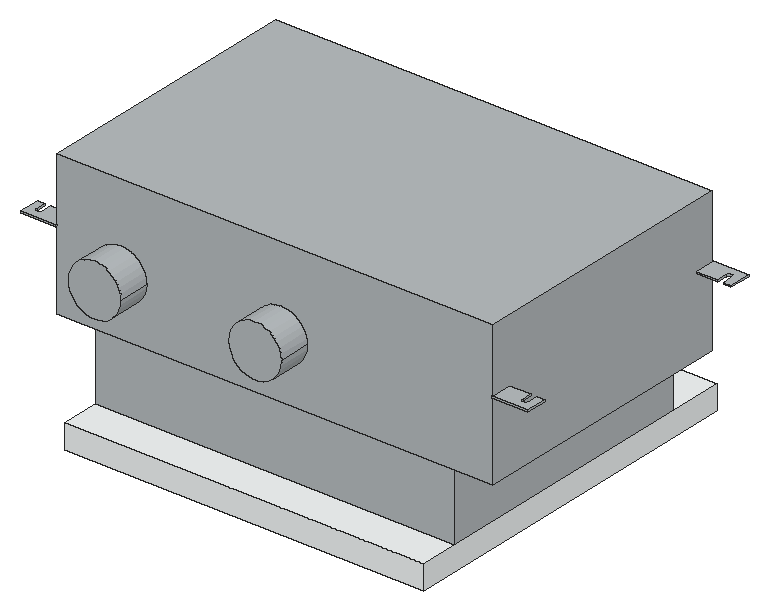
Revit family "lgh-n15_50cx2(d)_cs2(d)_50Hz", category 機械設備, Revit 2019
Family settings
  丸型コネクタ寸法 = 直径を使用
  パーツ タイプ = 標準
  OmniClass 番号 = 23.75.10.34.21
  OmniClass タイトル = Heat Exchangers for Ventilation Air
  作業面ベース = いいえ
  常に垂直 = はい
  ロード時にボイドで切り取り = いいえ
  共有 = いいえ
  部屋計算ポイント = はい
Parameters (values of type "LGH-N15CS2")
  騒音レベル(dB(A)) = 28.5
  風量 = 150.0 m³/h
  面風速 = 5.31 m/s
  電源種別 [instance] = "一般"
  電圧 = 100 V
  電動機出力 = 0 W
  集中コントローラ = ""
  運転質量 = 0.00 kg
  連動 [instance] = ""
  質量 = if(製品質量 > 運転質量, 製品質量, 運転質量) * 1.2  # 21.60 kg
  負荷分類 = 3_ファン類
  説明 = "業務用ロスナイ 天井カセット形"
  設計風量 = 0.0 m³/h
  設置方法 = "カセット形"
  記号 [instance] = ""
  製造元 = "MITSIBISHI ELECTRIC"
  製品質量 = 18.00 kg
  製品出荷対象 = "国内"
  製品リリース年月 = "2019/7/1"
  製品グループ = ""
  系統 [instance] = ""
  符号 = "HEU"
  積算_科目 = "1 空気調和設備"
  積算_拾い区分 [instance] = ""
  相 = 1
  盤記号 [instance] = ""
  発停方法 [instance] = "別売リモコン"
  特殊仕様 [instance] = ""
  火災停止 [instance] = ""
  温度交換効率 = 73.00%
  消費電力 = 69 W
  法定耐用年数 = "15"
  機外静圧_排気 = 75.0 Pa
  機外静圧 = 75.0 Pa
  構成部品 = "インテリアパネル"
  極数 = 1
  材質 [instance] = ""
  本体マテリアル = 溶融亜鉛めっき鋼板
  操作・制御方式 = ""
  操作・制御スイッチ = ""
  排気量 = 0.0 m³/h
  形式 = "カセット形"
  幹線記号 [instance] = ""
  対象室 [instance] = ""
  実風量 = 0.0 m³/h
  始動方式 [instance] = "直入"
  天吊金具ピッチ2 = 475 mm
  天吊金具ピッチ1 = 908 mm
  天吊金具_高さ = 118 mm
  天吊金具_径 = 5.5 mm
  天吊金具_幅 = 20 mm
  外気量 = 0.0 m³/h
  呼称 = "全熱交換ユニット"
  周波数 = 50 Hz
  参照している仕様書等のバージョン = ""
  初期抵抗 = 0.0 Pa
  分類コード = "50052504100080"
  分類グループ = ""
  価格 = 124000
  企業コード = "108420"
  付属品_フィルター_還気 = ""
  付属品_フィルター = ""
  付属品 [instance] = ""
  仕様書バージョン = "Version1.0"
  モデル = "LGH-N15CS2"
  パネルマテリアル = 樹脂成形
  ドレン管径 = 20 mm
  コメント [instance] = ""
  Keynote = ""
  エンタルピ交換効率_暖房 = 70.00%
  エンタルピ交換効率_冷房 = 64.00%
  SMAX風量 = 0.0 m³/h
  SMAX静圧 = 0.0 Pa
  Panel_Width = 670 mm
  Panel_Height = 45 mm
  Panel_Depth = 685 mm
  高さ調整可能範囲 = 125 mm
  Assembly Code = ""
  Width = 814 mm
  Version = ""
  Uniclass2015Version = "Systems v1.9"
  Uniclass2015Title = "Thermal wheels"
  Uniclass2015Code = "Pr_60_60_36_88"
  URL = "https://www.mitsubishielectric.co.jp/ldg/wink/ssl/displayProduct.do?pid=300755"
  SpecificationReference = ""
  SpecificationDescription = ""
  Revision = ""
  ProductInformation = ""
  Panel_D = 103 mm
  OmniClassCode = "23-27 23 19 11"
  OAサイズ_W = 0 mm
  OAサイズ_D = 97.5 mm
  MIN風量 = 55.0 m³/h
  MIN静圧 = 10.0 Pa
  MID風量 = 90.0 m³/h
  MID静圧 = 25.0 Pa
  MAX風量 = 150.0 m³/h
  MAX静圧 = 75.0 Pa
  IfcTypeProduct = ""
  IfcProduct = ""
  IfcExportType = "ROTARYWHEEL"
  IfcExportAs = "IfcAirToAirHeatRecoveryType"
  Height = 268 mm
  EAサイズ_W = 0 mm
  EAサイズ_D = 97.5 mm
  Duct_W = 396 mm
  Duct_Pitch = 300 mm
  Duct_Height_OA = 156 mm
  Duct_Height_EA = 160 mm
  Duct_Depth = 60 mm
  Depth = 510 mm
  Author = "MITSUBISHI ELECTRIC"
Types (16, lengths in mm): name | 騒音レベル(dB(A)) | 風量 | 面風速 | 電圧 | 質量 | 製品質量 | 温度交換効率 | 消費電力 | 機外静圧_排気 | 機外静圧 | 天吊金具ピッチ2 | 天吊金具ピッチ1 | 天吊金具_高さ | 価格 | モデル | エンタルピ交換効率_暖房 | エンタルピ交換効率_冷房 | SMAX風量 | SMAX静圧 | Panel_Width | Panel_Depth | Width | URL | Panel_D | OAサイズ_D | MIN風量 | MIN静圧 | MID風量 | MID静圧 | MAX風量 | MAX静圧 | Height | EAサイズ_D | Duct_W | Duct_Pitch | Duct_Height_OA | Duct_Depth | Depth
  LGH-N15CX2 | 28.5 | 150.0 m³/h | 5.31 m/s | 100 V | 21.60 kg | 18.00 kg | 73.00% | 69 W | 75.0 Pa | 75.0 Pa | 475 | 908 | 118 | 169000 | "LGH-N15CX2" | 70.00% | 64.00% | 0.0 m³/h | 0.0 Pa | 670 | 685 | 814 | "https://www.mitsubishielectric.co.jp/ldg/wink/ssl/displayProduct.do?pid=300757" | 103 | 97.5 | 55.0 m³/h | 10.0 Pa | 90.0 m³/h | 25.0 Pa | 150.0 m³/h | 75.0 Pa | 268 | 97.5 | 396 | 300 | 156 | 60 | 510
  LGH-N15CX2D | 28.5 | 150.0 m³/h | 5.31 m/s | 200 V | 21.60 kg | 18.00 kg | 73.00% | 65 W | 75.0 Pa | 75.0 Pa | 475 | 908 | 118 | 169000 | "LGH-N15CX2D" | 70.00% | 64.00% | 0.0 m³/h | 0.0 Pa | 670 | 685 | 814 | "https://www.mitsubishielectric.co.jp/ldg/wink/ssl/displayProduct.do?pid=300758" | 103 | 97.5 | 50.0 m³/h | 8.0 Pa | 100.0 m³/h | 33.0 Pa | 150.0 m³/h | 75.0 Pa | 268 | 97.5 | 396 | 300 | 156 | 60 | 510
  LGH-N15CS2 | 28.5 | 150.0 m³/h | 5.31 m/s | 100 V | 21.60 kg | 18.00 kg | 73.00% | 69 W | 75.0 Pa | 75.0 Pa | 475 | 908 | 118 | 124000 | "LGH-N15CS2" | 70.00% | 64.00% | 0.0 m³/h | 0.0 Pa | 670 | 685 | 814 | "https://www.mitsubishielectric.co.jp/ldg/wink/ssl/displayProduct.do?pid=300755" | 103 | 97.5 | 55.0 m³/h | 10.0 Pa | 90.0 m³/h | 25.0 Pa | 150.0 m³/h | 75.0 Pa | 268 | 97.5 | 396 | 300 | 156 | 60 | 510
  LGH-N15CS2D | 28.5 | 150.0 m³/h | 5.31 m/s | 200 V | 21.60 kg | 18.00 kg | 73.00% | 65 W | 75.0 Pa | 75.0 Pa | 475 | 908 | 118 | 124000 | "LGH-N15CS2D" | 70.00% | 64.00% | 0.0 m³/h | 0.0 Pa | 670 | 685 | 814 | "https://www.mitsubishielectric.co.jp/ldg/wink/ssl/displayProduct.do?pid=300756" | 103 | 97.5 | 50.0 m³/h | 8.0 Pa | 100.0 m³/h | 33.0 Pa | 150.0 m³/h | 75.0 Pa | 268 | 97.5 | 396 | 300 | 156 | 60 | 510
  LGH-N25CX2 | 32 | 250.0 m³/h | 3.93 m/s | 100 V | 21.60 kg | 18.00 kg | 70.50% | 107 W | 57.0 Pa | 57.0 Pa | 475 | 908 | 118 | 189000 | "LGH-N25CX2" | 69.00% | 61.50% | 0.0 m³/h | 0.0 Pa | 670 | 685 | 814 | "https://www.mitsubishielectric.co.jp/ldg/wink/ssl/displayProduct.do?pid=300761" | 103 | 142 | 115.0 m³/h | 12.0 Pa | 145.0 m³/h | 19.0 Pa | 250.0 m³/h | 57.0 Pa | 268 | 142 | 396 | 300 | 156 | 70 | 510
  LGH-N25CX2D | 32 | 250.0 m³/h | 3.93 m/s | 200 V | 21.60 kg | 18.00 kg | 70.50% | 101 W | 57.0 Pa | 57.0 Pa | 475 | 908 | 118 | 189000 | "LGH-N25CX2D" | 69.00% | 61.50% | 0.0 m³/h | 0.0 Pa | 670 | 685 | 814 | "https://www.mitsubishielectric.co.jp/ldg/wink/ssl/displayProduct.do?pid=300762" | 103 | 142 | 100.0 m³/h | 9.0 Pa | 120.0 m³/h | 13.0 Pa | 250.0 m³/h | 57.0 Pa | 268 | 142 | 396 | 300 | 156 | 70 | 510
  LGH-N25CS2 | 32 | 250.0 m³/h | 3.93 m/s | 100 V | 21.60 kg | 18.00 kg | 70.50% | 107 W | 57.0 Pa | 57.0 Pa | 475 | 908 | 118 | 158000 | "LGH-N25CS2" | 69.00% | 61.50% | 0.0 m³/h | 0.0 Pa | 670 | 685 | 814 | "https://www.mitsubishielectric.co.jp/ldg/wink/ssl/displayProduct.do?pid=300759" | 103 | 142 | 115.0 m³/h | 12.0 Pa | 145.0 m³/h | 19.0 Pa | 250.0 m³/h | 57.0 Pa | 268 | 142 | 396 | 300 | 156 | 70 | 510
  LGH-N25CS2D | 32 | 250.0 m³/h | 3.93 m/s | 200 V | 21.60 kg | 18.00 kg | 70.50% | 101 W | 57.0 Pa | 57.0 Pa | 475 | 908 | 118 | 158000 | "LGH-N25CS2D" | 69.00% | 61.50% | 0.0 m³/h | 0.0 Pa | 670 | 685 | 814 | "https://www.mitsubishielectric.co.jp/ldg/wink/ssl/displayProduct.do?pid=300760" | 103 | 142 | 100.0 m³/h | 9.0 Pa | 120.0 m³/h | 13.0 Pa | 250.0 m³/h | 57.0 Pa | 268 | 142 | 396 | 300 | 156 | 70 | 510
  LGH-N35CX2 | 33.5 | 350.0 m³/h | 5.5 m/s | 100 V | 38.40 kg | 32.00 kg | 73.50% | 153 W | 95.0 Pa | 95.0 Pa | 540 | 1294 | 168 | 199000 | "LGH-N35CX2" | 71.00% | 64.50% | 350.0 m³/h | 95.0 Pa | 770 | 770 | 1202 | "https://www.mitsubishielectric.co.jp/ldg/wink/ssl/displayProduct.do?pid=300765" | 107 | 142 | 135.0 m³/h | 5.0 Pa | 205.0 m³/h | 12.0 Pa | 350.0 m³/h | 35.0 Pa | 330 | 142 | 611 | 450 | 185 | 70 | 577
  LGH-N35CX2D | 33.5 | 350.0 m³/h | 5.5 m/s | 200 V | 38.40 kg | 32.00 kg | 73.50% | 153 W | 95.0 Pa | 95.0 Pa | 540 | 1294 | 168 | 199000 | "LGH-N35CX2D" | 71.00% | 64.50% | 350.0 m³/h | 95.0 Pa | 770 | 770 | 1202 | "https://www.mitsubishielectric.co.jp/ldg/wink/ssl/displayProduct.do?pid=300766" | 107 | 142 | 135.0 m³/h | 5.0 Pa | 180.0 m³/h | 9.0 Pa | 350.0 m³/h | 35.0 Pa | 330 | 142 | 611 | 450 | 185 | 70 | 577
  LGH-N35CS2 | 33.5 | 350.0 m³/h | 5.5 m/s | 100 V | 38.40 kg | 32.00 kg | 73.50% | 153 W | 95.0 Pa | 95.0 Pa | 540 | 1294 | 168 | 176000 | "LGH-N35CS2" | 71.00% | 64.50% | 350.0 m³/h | 95.0 Pa | 770 | 770 | 1202 | "https://www.mitsubishielectric.co.jp/ldg/wink/ssl/displayProduct.do?pid=300763" | 107 | 142 | 135.0 m³/h | 5.0 Pa | 205.0 m³/h | 12.0 Pa | 350.0 m³/h | 35.0 Pa | 330 | 142 | 611 | 450 | 185 | 70 | 577
  LGH-N35CS2D | 33.5 | 350.0 m³/h | 5.5 m/s | 200 V | 38.40 kg | 32.00 kg | 73.50% | 153 W | 95.0 Pa | 95.0 Pa | 540 | 1294 | 168 | 176000 | "LGH-N35CS2D" | 71.00% | 64.50% | 350.0 m³/h | 95.0 Pa | 770 | 770 | 1202 | "https://www.mitsubishielectric.co.jp/ldg/wink/ssl/displayProduct.do?pid=300764" | 107 | 142 | 135.0 m³/h | 5.0 Pa | 180.0 m³/h | 9.0 Pa | 350.0 m³/h | 35.0 Pa | 330 | 142 | 611 | 450 | 185 | 70 | 577
  LGH-N50CX2 | 36 | 500.0 m³/h | 4.42 m/s | 100 V | 39.60 kg | 33.00 kg | 69.00% | 195 W | 95.0 Pa | 95.0 Pa | 540 | 1294 | 168 | 247000 | "LGH-N50CX2" | 67.00% | 60.50% | 500.0 m³/h | 95.0 Pa | 770 | 770 | 1202 | "https://www.mitsubishielectric.co.jp/ldg/wink/ssl/displayProduct.do?pid=300769" | 107 | 192 | 200.0 m³/h | 9.0 Pa | 340.0 m³/h | 25.0 Pa | 500.0 m³/h | 55.0 Pa | 330 | 192 | 461 | 600 | 185 | 86 | 577
  LGH-N50CX2D | 36 | 500.0 m³/h | 4.42 m/s | 200 V | 39.60 kg | 33.00 kg | 69.00% | 202 W | 95.0 Pa | 95.0 Pa | 540 | 1294 | 168 | 247000 | "LGH-N50CX2D" | 67.00% | 60.50% | 500.0 m³/h | 95.0 Pa | 770 | 770 | 1202 | "https://www.mitsubishielectric.co.jp/ldg/wink/ssl/displayProduct.do?pid=300770" | 107 | 192 | 200.0 m³/h | 9.0 Pa | 290.0 m³/h | 19.0 Pa | 500.0 m³/h | 55.0 Pa | 330 | 192 | 461 | 600 | 185 | 86 | 577
  LGH-N50CS2 | 36 | 500.0 m³/h | 4.42 m/s | 100 V | 39.60 kg | 33.00 kg | 69.00% | 195 W | 95.0 Pa | 95.0 Pa | 540 | 1294 | 168 | 220000 | "LGH-N50CS2" | 67.00% | 60.50% | 500.0 m³/h | 95.0 Pa | 770 | 770 | 1202 | "https://www.mitsubishielectric.co.jp/ldg/wink/ssl/displayProduct.do?pid=300767" | 107 | 192 | 200.0 m³/h | 9.0 Pa | 340.0 m³/h | 25.0 Pa | 500.0 m³/h | 55.0 Pa | 330 | 192 | 461 | 600 | 185 | 86 | 577
  LGH-N50CS2D | 36 | 500.0 m³/h | 4.42 m/s | 200 V | 39.60 kg | 33.00 kg | 69.00% | 202 W | 95.0 Pa | 95.0 Pa | 540 | 1294 | 168 | 220000 | "LGH-N50CS2D" | 67.00% | 60.50% | 500.0 m³/h | 95.0 Pa | 770 | 770 | 1202 | "https://www.mitsubishielectric.co.jp/ldg/wink/ssl/displayProduct.do?pid=300768" | 107 | 192 | 200.0 m³/h | 9.0 Pa | 290.0 m³/h | 19.0 Pa | 500.0 m³/h | 55.0 Pa | 330 | 192 | 461 | 600 | 185 | 86 | 577
Reference planes
  plane 1 "中心(正面/背面)": y = 0
  plane 2: z = 0
  plane 3 "中心(左/右)": x = 0
  plane 4 "左": x = -407
  plane 5 "右": x = 407
  plane 6 "背面": y = 255
  plane 7 "正面": y = -255
  plane 8: z = 393
  plane 9: z = 125
  plane 10 "下": z = -45
  plane 11: x = -335
  plane 12: x = 335
  plane 13: y = 358
  plane 14: y = -327
  plane 15: z = 237
  plane 16: x = 11
  plane 17: x = -289
  plane 18: y = -315
  plane 19: x = 429.5
  plane 20: z = 233
  plane 21: x = -454
  plane 22: x = 454
  plane 23: y = 237.5
  plane 24: y = -237.5
  plane 25: x = -474
  plane 26: x = 474
  plane 27: y = -217.5
  plane 28: y = -257.5
  plane 29: y = 217.5
  plane 30: y = 257.5
  plane 31: z = 275
  plane 32: z = 272
Forms (mm)
  Extrusion 1, solid, material "樹脂成形" <- "パネルマテリアル"
    sketch origin (0, 0, 4000) x (0, 1, 0) y (-1, 0, 0)
      loop
        line (-327, 335) -> (-327, -335) -> (358, -335) -> (358, 335) -> (-327, 335)
    from -4000 to -4045
  Extrusion 2, solid, material "溶融亜鉛めっき鋼板" <- "本体マテリアル"
    sketch origin (0, 0, 4000) x (0, 1, 0) y (-1, 0, 0)
      loop
        line (-255, 335) -> (-255, -335) -> (255, -335) -> (255, 335) -> (-255, 335)
    from -4000 to -3875
  Extrusion 3, solid, material "溶融亜鉛めっき鋼板" <- "本体マテリアル"
    sketch origin (0, 0, 4000) x (0, 1, 0) y (-1, 0, 0)
      loop
        line (-255, 407) -> (-255, -407) -> (255, -407) -> (255, 407) -> (-255, 407)
    from -3875 to -3607
  Extrusion 4, solid, material "溶融亜鉛めっき鋼板" <- "本体マテリアル"
    sketch origin (0, 0, 0) x (1, 0, 0) y (0, 0, 1)
      loop
        circle (11, 237) r 48.75
    from 255 to 315
  Extrusion 5, solid, material "溶融亜鉛めっき鋼板" <- "本体マテリアル"
    sketch origin (0, 0, 0) x (1, 0, 0) y (0, 0, 1)
      loop
        circle (-289, 233) r 48.75
    from 255 to 315
  Extrusion 6, solid, material "溶融亜鉛めっき鋼板" <- "本体マテリアル"
    sketch origin (0, 0, 0) x (1, 0, 0) y (0, 1, 0)
      loop
        line (-474, -257.5) -> (-407, -257.5) -> (-407, -217.5) -> (-448.5, -217.5) -> (-448.5, -237.5)
        arc (-448.5, -237.5) -> (-454, -243) -> (-459.5, -237.5) r 5.5
        line (-459.5, -237.5) -> (-459.5, -217.5) -> (-474, -217.5) -> (-474, -257.5)
    from 272 to 275
  Extrusion 7, solid, material "溶融亜鉛めっき鋼板" <- "本体マテリアル"
    sketch origin (0, 0, 0) x (-1, 0, 0) y (0, -1, 0)
      loop
        line (-474, 257.5) -> (-474, 217.5) -> (-459.5, 217.5) -> (-459.5, 237.5)
        arc (-459.5, 237.5) -> (-454, 243) -> (-448.5, 237.5) r 5.5
        line (-448.5, 237.5) -> (-448.5, 217.5) -> (-407, 217.5) -> (-407, 257.5) -> (-474, 257.5)
    from 272 to 275
  Extrusion 8, solid, material "溶融亜鉛めっき鋼板" <- "本体マテリアル"
    sketch origin (0, 0, 0) x (1, 0, 0) y (0, 1, 0)
      loop
        line (-474, 257.5) -> (-474, 217.5) -> (-459.5, 217.5) -> (-459.5, 237.5)
        arc (-459.5, 237.5) -> (-454, 243) -> (-448.5, 237.5) r 5.5
        line (-448.5, 237.5) -> (-448.5, 217.5) -> (-407, 217.5) -> (-407, 257.5) -> (-474, 257.5)
    from 272 to 275
  Extrusion 9, solid, material "溶融亜鉛めっき鋼板" <- "本体マテリアル"
    sketch origin (0, 0, 0) x (-1, 0, 0) y (0, -1, 0)
      loop
        line (-474, -257.5) -> (-407, -257.5) -> (-407, -217.5) -> (-448.5, -217.5) -> (-448.5, -237.5)
        arc (-448.5, -237.5) -> (-454, -243) -> (-459.5, -237.5) r 5.5
        line (-459.5, -237.5) -> (-459.5, -217.5) -> (-474, -217.5) -> (-474, -257.5)
    from 272 to 275
Lines and regions (mm)
  Masking region 1, detail levels coarse+medium
    outline origin (0, 0, 0) x (1, 0, 0) y (0, 1, 0)
      loop
        line (-407, 255) -> (-407, -255) -> (407, -255) -> (407, 255) -> (-407, 255)
  symbolic lines, detail levels coarse+medium
    curve 1: line (0, 255, 0) -> (-407, 0, 0)
    curve 2: line (-407, 0, 0) -> (0, -255, 0)
    curve 3: line (0, -255, 0) -> (407, 0, 0)
    curve 4: line (407, 0, 0) -> (0, 255, 0)
Dimensions and locks
  "Depth": plane 7 "正面" to plane 6 "背面"
  "Width": plane 4 "左" to plane 5 "右"
  "Height": plane 8 to plane 9
  "高さ調整可能範囲": plane 9 to plane 2
  "Panel_Width": plane 11 to plane 12
  "Panel_Depth": plane 13 to plane 14
  "Panel_Height": plane 2 to plane 10 "下"
  equal spacing: plane 11, plane 3 "中心(左/右)", plane 12
  "Panel_D": plane 6 "背面" to plane 13
  equal spacing: plane 7 "正面", plane 1 "中心(正面/背面)", plane 6 "背面"
  "Duct_Pitch": plane 16 to plane 17
  "Duct_Height_OA": plane 8 to plane 15
  "Duct_Height_EA": plane 8 to plane 20
  equal spacing: plane 4 "左", plane 3 "中心(左/右)", plane 5 "右"
  "Duct_W": plane 5 "右" to plane 16
  "Duct_Depth": plane 18 to plane 7 "正面"
  equal spacing: plane 21, plane 3 "中心(左/右)", plane 22
  "天吊金具ピッチ1": plane 21 to plane 22
  equal spacing: plane 24, plane 1 "中心(正面/背面)", plane 23
  "天吊金具ピッチ2": plane 24 to plane 23
  locked: plane 25 to plane 21 at 20
  locked: plane 22 to plane 26 at 20
  equal spacing: plane 27, plane 24, plane 28
  "天吊金具_幅": plane 27 to plane 24
  equal spacing: plane 29, plane 23, plane 30
  "天吊金具_幅": plane 29 to plane 23
  "天吊金具_径": plane 21 to Extrusion 6 sketch curve
  "天吊金具_径": plane 22 to Extrusion 7 sketch curve
  "天吊金具_径": plane 21 to Extrusion 8 sketch curve
  "天吊金具_径": plane 22 to Extrusion 9 sketch curve
  "天吊金具_高さ": plane 8 to plane 31
  locked: plane 31 to plane 32 at 3
  "OAサイズ_D": diameter of Extrusion 4 sketch curve
  "EAサイズ_D": diameter of Extrusion 5 sketch curve
  "天吊金具_径": radius of Extrusion 6 sketch curve
  "天吊金具_径": radius of Extrusion 7 sketch curve
  "天吊金具_径": radius of Extrusion 8 sketch curve
  "天吊金具_径": radius of Extrusion 9 sketch curve
  aligned and locked: level to plane 2
  aligned and locked: Extrusion 2 to level
  aligned and locked: plane 9 to Extrusion 2
  aligned and locked: Extrusion 3 to plane 9
  aligned and locked: plane 8 to Extrusion 3
  aligned and locked: plane 11 to Extrusion 1
  aligned and locked: plane 12 to Extrusion 1
  aligned and locked: Extrusion 3 to plane 4 "左"
  aligned and locked: plane 5 "右" to Extrusion 3
  aligned and locked: plane 13 to Extrusion 1
  aligned and locked: plane 14 to Extrusion 1
  aligned and locked: plane 6 "背面" to Extrusion 3
  aligned and locked: Extrusion 1 to plane 10 "下"
  aligned and locked: plane 16 to Extrusion 4 sketch curve
  aligned and locked: plane 18 to Extrusion 4
  aligned and locked: Extrusion 4 to plane 7 "正面"
  aligned and locked: Masking region 1 to curve 2
  aligned and locked: Extrusion 5 to plane 7 "正面"
  aligned and locked: Extrusion 5 to Extrusion 4
  aligned and locked: Extrusion 2 to plane 6 "背面"
  aligned and locked: plane 5 "右" to curve 4
  aligned and locked: plane 1 "中心(正面/背面)" to curve 1
  aligned and locked: nested 1 to plane 22
  aligned and locked: plane 21 to nested 1
  aligned and locked: plane 23 to nested 1
  aligned and locked: plane 24 to nested 1
  aligned and locked: plane 25 to Extrusion 6 sketch curve
  aligned and locked: Extrusion 6 sketch curve to plane 28
  aligned and locked: Extrusion 6 sketch curve to plane 4 "左"
  aligned and locked: plane 24 to Extrusion 6 sketch curve
  aligned and locked: plane 27 to Extrusion 6 sketch curve
  aligned and locked: Extrusion 6 sketch curve to plane 27
  aligned and locked: Extrusion 7 sketch curve to plane 26
  aligned and locked: plane 28 to Extrusion 7 sketch curve
  aligned and locked: Extrusion 7 sketch curve to plane 5 "右"
  aligned and locked: plane 27 to Extrusion 7 sketch curve
  aligned and locked: Extrusion 7 sketch curve to plane 27
  aligned and locked: plane 4 "左" to Extrusion 8 sketch curve
  aligned and locked: plane 30 to Extrusion 8 sketch curve
  aligned and locked: Extrusion 8 sketch curve to plane 25
  aligned and locked: Extrusion 8 sketch curve to plane 29
  aligned and locked: plane 29 to Extrusion 8 sketch curve
  aligned and locked: plane 26 to Extrusion 9 sketch curve
  aligned and locked: Extrusion 9 sketch curve to plane 30
  aligned and locked: Extrusion 9 sketch curve to plane 29
  aligned and locked: plane 29 to Extrusion 9 sketch curve
  aligned and locked: plane 5 "右" to Extrusion 9 sketch curve
  aligned and locked: plane 31 to Extrusion 7
  aligned and locked: plane 32 to Extrusion 7
  aligned and locked: Extrusion 7 to Extrusion 6
  aligned and locked: plane 32 to Extrusion 6
  aligned and locked: plane 31 to Extrusion 8
  aligned and locked: plane 32 to Extrusion 8
  aligned and locked: plane 31 to Extrusion 9
  aligned and locked: plane 32 to Extrusion 9
  aligned and locked: plane 7 "正面" to Extrusion 2
  aligned and locked: Extrusion 2 to plane 11
  aligned and locked: Extrusion 2 to plane 12
Automatic sketch dimensions
  curve 2 to plane 3 "中心(左/右)" = 0 mm
  curve 4 to plane 3 "中心(左/右)" = 0 mm
  plane 7 "正面" to curve 2 = 0 mm
  plane 1 "中心(正面/背面)" to curve 3 = 0 mm
  plane 6 "背面" to curve 4 = 0 mm
  Masking region 1 sketch curve to plane 4 "左" = 0 mm
  Masking region 1 sketch curve to plane 5 "右" = 0 mm
  plane 7 "正面" to Masking region 1 sketch curve = 0 mm
  plane 6 "背面" to Masking region 1 sketch curve = 0 mm
  Extrusion 1 sketch curve to plane 12 = 0 mm
  Extrusion 1 sketch curve to plane 14 = 0 mm
  Extrusion 1 sketch curve to plane 11 = 0 mm
  plane 13 to Extrusion 1 sketch curve = 0 mm
  Extrusion 2 sketch curve to plane 5 "右" = 72 mm
  plane 14 to Extrusion 2 sketch curve = 72 mm
  plane 4 "左" to Extrusion 2 sketch curve = 72 mm
  plane 6 "背面" to Extrusion 2 sketch curve = 0 mm
  Extrusion 3 sketch curve to plane 5 "右" = 0 mm
  plane 7 "正面" to Extrusion 3 sketch curve = 0 mm
  Extrusion 3 sketch curve to plane 4 "左" = 0 mm
  plane 6 "背面" to Extrusion 3 sketch curve = 0 mm
  Extrusion 4 sketch curve to plane 15 = 0 mm
  Extrusion 5 sketch curve to plane 17 = 0 mm
  Extrusion 5 sketch curve to plane 20 = 0 mm
  plane 24 to Extrusion 7 sketch curve = 0 mm
  Extrusion 8 sketch curve to plane 23 = 0 mm
  Extrusion 9 sketch curve to plane 23 = 0 mm
Nested families
  nested 1: "固定点" at (-454, -237.5, 0), type "固定点"
    with W 908 mm, D 475 mm
Connectors
  hvac at (11, -315, 237), driven by "OAサイズ_D", driven by "機外静圧", driven by "風量"
    settings: on Extrusion 4, index 4, duct flow 150.0 m³/h, flow factor 0, pres drop 75.0 Pa, loss coef 0, conn angle 0.00°, conn width 304.8 mm, conn height 304.8 mm, conn diameter 97.5 mm, duct sys type 4, conn prof type 0, flow config 0, flow direction 1, loss method 4, conn ref index -1, conn util no, is conn primary no, conn desc ""
  hvac at (-289, -315, 233), driven by "EAサイズ_D", driven by "機外静圧_排気", driven by "排気量"
    settings: on Extrusion 5, index 6, duct flow 0.0 m³/h, flow factor 0, pres drop 75.0 Pa, loss coef 0, conn angle 0.00°, conn width 304.8 mm, conn height 304.8 mm, conn diameter 97.5 mm, duct sys type 3, conn prof type 0, flow config 0, flow direction 2, loss method 4, conn ref index -1, conn util no, is conn primary yes, conn desc ""
  electrical at (0, 255, 259), driven by "負荷分類", driven by "極数", driven by "電圧", driven by "消費電力"
    settings: on Extrusion 3, index 7, voltage 100 V, apparent load 69 VA, apparent load phase1 0 VA, apparent load phase2 0 VA, apparent load phase3 0 VA, power factor 1, load classification "3_ファン類", number of poles 1, system type 30, power factor state 1, is connector primary yes, connector utility no, sub classification motor no, connector description ""
Definition of nested family "固定点"
  Parameters (values of type "固定点")
    中心円 = 20 mm
    W [instance] = 1000 mm
    D [instance] = 1000 mm
  Reference planes
    plane 1 "中心(正面/背面)": y = 0
    plane 2: z = 0
    plane 3 "中心(左/右)": x = 0
    plane 4: x = 1000
    plane 5: y = 1000
  Lines and regions (mm)
    symbolic lines, detail levels fine
      curve 1: circle (0, 1000, 0) r 10 normal (0, 0, 1)
      curve 2: circle (0, 0, 0) r 10 normal (0, 0, 1)
      curve 3: circle (1000, 1000, 0) r 10 normal (0, 0, 1)
      curve 4: circle (1000, 0, 0) r 10 normal (0, 0, 1)
      curve 5: line (-200, 1000, 0) -> (1200, 1000, 0)
      curve 6: line (-200, 0, 0) -> (1200, 0, 0)
      curve 7: line (0, 1200, 0) -> (0, -200, 0)
      curve 8: line (1000, 1200, 0) -> (1000, -200, 0)
  Dimensions and locks
    "W": plane 3 "中心(左/右)" to plane 4
    "D": plane 1 "中心(正面/背面)" to plane 5
    "中心円": diameter of curve 1
    "中心円": diameter of curve 2
    "中心円": diameter of curve 3
    "中心円": diameter of curve 4
    aligned and locked: level to plane 2
    aligned and locked: plane 5 to curve 1
    aligned and locked: plane 3 "中心(左/右)" to curve 1
    aligned and locked: plane 3 "中心(左/右)" to curve 2
    aligned and locked: plane 1 "中心(正面/背面)" to curve 2
    aligned and locked: plane 4 to curve 3
    aligned and locked: plane 5 to curve 3
    aligned and locked: plane 1 "中心(正面/背面)" to curve 4
    aligned and locked: plane 4 to curve 4
    aligned and locked: plane 1 "中心(正面/背面)" to curve 6
    aligned and locked: curve 7 to plane 3 "中心(左/右)"
    aligned and locked: curve 8 to plane 4
  Automatic sketch dimensions
    curve 5 to plane 5 = 0 mm
    curve 6 to plane 3 "中心(左/右)" = 200 mm
    curve 5 to plane 3 "中心(左/右)" = 200 mm
    curve 4 to curve 6 = 200 mm
    curve 3 to curve 5 = 200 mm
    plane 1 "中心(正面/背面)" to curve 8 = 200 mm
    plane 1 "中心(正面/背面)" to curve 7 = 200 mm
    curve 3 to curve 8 = 200 mm
    curve 1 to curve 7 = 200 mm
